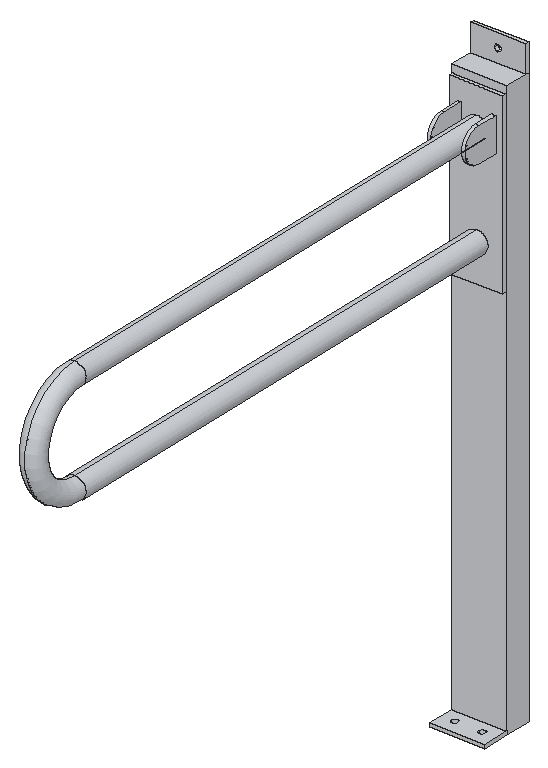
Revit family "SIMP_Simplicity Grab Rail on Post", category Generic Models, Revit 2013
Parameters (values of type "SIMP")
  URL = "http://www.surecare.com.au/"
  Type Comments = "Simplicity Grab Rail with Post"
  TopRailCentre = TopOfRail - 16 mm  # 784 mm
  TopOfRail = 800 mm
  TPH2 = no
  TPH = no
  NCB = no
  Model = "SIMP"
  Manufacturer = "SURE CARE"
Reference planes
  plane 1 "Center (Front/Back)": y = 0
  plane 2: z = 0
  plane 3 "Center (Left/Right)": x = 0
  plane 4 "PlateCentre": z = 709
  plane 5 "RailTopTop": z = 800
  plane 6 "RailTopCentre": z = 784
  plane 7 "RailFront": y = -870
  plane 8 "Accessory1": y = -770
  plane 9 "Accessory2": y = -595
  plane 10: z = 1614
  plane 11 "FixingCentre1": x = -25
  plane 12 "FixingCentre2": x = 25
  plane 13 "Leg": y = -717.5
  plane 14: y = -40
Forms (mm)
  Extrusion 1, solid
    sketch origin (0, -40, 709) x (-1, 0, 0) y (0, -1, 0)
      loop
        line (38.5, 0) -> (38.5, 5) -> (-38.5, 5) -> (-38.5, 0) -> (38.5, 0)
    from -130 to 130
  Extrusion 2, solid
    sketch origin (-25, -40, -16) x (0, 0, 1) y (0, -1, 0)
      loop
        arc (825, 35) -> (800, 60) -> (775, 35) r 25
        line (775, 35) -> (775, 5) -> (825, 5) -> (825, 35)
    from 2.5 to -2.5
  Extrusion 3, solid
    sketch origin (25, -1564, 893.553) x (0, 0, 1) y (0, -1, 0)
      loop
        arc (-84.553, -1489) -> (-109.553, -1464) -> (-134.553, -1489) r 25
        line (-134.553, -1489) -> (-134.553, -1519) -> (-84.553, -1519) -> (-84.553, -1489)
    from 2.5 to -2.5
  Sweep 4, solid
    path origin (0, -40, 0) x (0, 1, 0) y (0, 0, 1)
      loop
        line (-5, 784) -> (-739, 784)
        arc (-739, 784) -> (-814, 709) -> (-739, 634) r 75
        line (-739, 634) -> (-5, 634)
    profile origin (0, -412, 784) x (0, 0, -1) y (1, 0, 0)
      loop
        circle (0, 0) r 16
  Extrusion 5, solid
    sketch origin (0, 0, 0) x (1, 0, 0) y (0, 1, 0)
      loop
        line (-40, 0) -> (-40, -40) -> (40, -40) -> (40, 0) -> (-40, 0)
    from 0 to 850
  Extrusion 6, solid
    sketch origin (0, 0, 0) x (1, 0, 0) y (0, 1, 0)
      loop
        line (-40, -40) -> (-40, -80) -> (40, -80) -> (40, -40) -> (-40, -40)
      loop
        circle (-20, -60) r 5
      loop
        circle (20, -60) r 5
    from 0 to 5
  Extrusion 7, solid
    sketch origin (0, 0, 0) x (1, 0, 0) y (0, 0, 1)
      loop
        line (-40, 850) -> (40, 850) -> (40, 890) -> (-40, 890) -> (-40, 850)
      loop
        circle (0, 870) r 5
    from 0 to 5
Lines and regions (mm)
  symbolic lines
    curve 1: circle (-25, -75, 784) r 5 normal (1, 0, 0)
  symbolic lines, style "GenericModelHiddenLines"
    curve 2: arc (0, -59, 1523) -> (0, -150, 1614) -> (0, -241, 1523) r 91
    curve 3: line (0, -59, 784) -> (0, -59, 1523)
    curve 4: line (0, -241, 784) -> (0, -241, 1523)
    curve 5: line (0, -209, 784) -> (0, -209, 1523)
    curve 6: arc (0, -91, 1523) -> (0, -150, 1582) -> (0, -209, 1523) r 59
    curve 7: line (0, -91, 784) -> (0, -91, 1523)
    curve 8: line (-16, 0, 784) -> (-16, 0, 1598)
    curve 9: line (16, 0, 784) -> (16, 0, 1598)
    curve 10: arc (-16, 0, 1598) -> (0, 0, 1614) -> (16, 0, 1598) r 16
Dimensions and locks
  Extrusion 1 sketch curve to plane 1 "Center (Front/Back)" = 45 mm
  locked: plane 5 "RailTopTop" to plane 6 "RailTopCentre" at 16
  "TopOfRail": plane 5 "RailTopTop" to level
  plane 7 "RailFront" to plane 14 = 830 mm
  locked: plane 8 "Accessory1" to plane 7 "RailFront" at 100
  plane 9 "Accessory2" to plane 8 "Accessory1" = 175 mm
  locked: plane 10 to plane 6 "RailTopCentre" at 830
  equal spacing: Extrusion 1 sketch curve, plane 3 "Center (Left/Right)", Extrusion 1 sketch curve
  plane 3 "Center (Left/Right)" to Extrusion 1 sketch curve = 38.5 mm
  locked: plane 3 "Center (Left/Right)" to plane 11 "FixingCentre1" at 25
  locked: plane 12 "FixingCentre2" to plane 3 "Center (Left/Right)" at 25
  locked: Extrusion 1 to plane 6 "RailTopCentre" at 55
  Sweep 4 sketch curve to plane 4 "PlateCentre" to Sweep 4 sketch curve = 75 mm locked, 75 mm locked
  locked: Sweep 4 sketch curve to plane 7 "RailFront" at 16
  locked: plane 5 "RailTopTop" to plane 4 "PlateCentre" at 91
  plane 1 "Center (Front/Back)" to plane 7 "RailFront" = 870 mm
  plane 1 "Center (Front/Back)" to plane 14 = 40 mm
  aligned and locked: level to plane 2
  aligned and locked: plane 3 "Center (Left/Right)" to nested 1
  aligned and locked: nested 1 to plane 8 "Accessory1"
  aligned and locked: plane 8 "Accessory1" to nested 2
  aligned and locked: nested 3 to plane 9 "Accessory2"
  aligned and locked: Extrusion 1 to Extrusion 2 sketch curve
  aligned and locked: Extrusion 3 sketch curve to Extrusion 2  (x2)
Automatic sketch dimensions
  curve 10 to plane 3 "Center (Left/Right)" = 0 mm
  plane 11 "FixingCentre1" to curve 8 = 9 mm
  curve 9 to plane 10 = 16 mm
  plane 1 "Center (Front/Back)" to Extrusion 1 sketch curve = 40 mm
  Extrusion 2 sketch curve to Extrusion 2 sketch curve = 30 mm
  plane 1 "Center (Front/Back)" to Extrusion 3 sketch curve = 45 mm
  Extrusion 3 sketch curve to Extrusion 3 sketch curve = 30 mm
  Extrusion 2 sketch curve to plane 5 "RailTopTop" = 16 mm
  Extrusion 2 sketch curve to plane 6 "RailTopCentre" = 25 mm
  curve 1 to plane 5 "RailTopTop" = 16 mm
  plane 1 "Center (Front/Back)" to curve 1 = 75 mm
  Sweep 4 sketch curve to profile plane = 0 mm
  plane 11 "FixingCentre1" to Sweep 4 sketch curve = 25 mm
  plane 1 "Center (Front/Back)" to Sweep 4 sketch curve = 45 mm  (x2)
  curve 8 to plane 6 "RailTopCentre" = 0 mm
  curve 9 to plane 6 "RailTopCentre" = 0 mm
  curve 2 to curve 6 = 0 mm  (x2)
  curve 4 to plane 10 = 91 mm
  plane 1 "Center (Front/Back)" to curve 4 = 241 mm
  curve 5 to plane 6 "RailTopCentre" = 0 mm
  curve 7 to plane 6 "RailTopCentre" = 0 mm
  curve 3 to plane 6 "RailTopCentre" = 0 mm
  curve 4 to plane 6 "RailTopCentre" = 0 mm
  curve 2 to curve 5 = 32 mm
  plane 1 "Center (Front/Back)" to curve 7 = 91 mm
  Extrusion 5 sketch curve to plane 14 = 0 mm
  plane 1 "Center (Front/Back)" to Extrusion 5 sketch curve = 0 mm
  Extrusion 5 sketch curve to plane 11 "FixingCentre1" = 15 mm
  plane 12 "FixingCentre2" to Extrusion 5 sketch curve = 15 mm
  Extrusion 6 sketch curve to plane 14 = 0 mm
  Extrusion 6 sketch curve to plane 11 "FixingCentre1" = 15 mm
  plane 12 "FixingCentre2" to Extrusion 6 sketch curve = 15 mm
  Extrusion 6 sketch curve to plane 14 = 40 mm
  plane 11 "FixingCentre1" to Extrusion 6 sketch curve = 5 mm
  Extrusion 6 sketch curve to plane 12 "FixingCentre2" = 5 mm
  Extrusion 6 sketch curve to Extrusion 6 sketch curve = 20 mm  (x2)
  Extrusion 7 sketch curve to plane 11 "FixingCentre1" = 15 mm
  plane 12 "FixingCentre2" to Extrusion 7 sketch curve = 15 mm
  plane 5 "RailTopTop" to Extrusion 7 sketch curve = 50 mm
  Extrusion 7 sketch curve to plane 12 "FixingCentre2" = 25 mm
  Extrusion 7 sketch curve to Extrusion 7 sketch curve = 40 mm
  Extrusion 7 sketch curve to Extrusion 7 sketch curve = 20 mm
  radius of curve 1 = 5 mm
  radius of Sweep 4 sketch curve = 16 mm
  radius of Extrusion 6 sketch curve = 5 mm  (x2)
  radius of Extrusion 7 sketch curve = 5 mm
Nested families
  nested 1: "NCB" at (0, -732.5, 0), TopRailCentre <- "TopRailCentre", visible <- "NCB", type "NCB"
    with TopRailCentre 784 mm
  nested 2: "TPH" at (0, -695, 0), TopRailCentre <- "TopRailCentre", visible <- "TPH", type "TPH"
    with TopRailCentre 784 mm
  nested 3: "TPH" at (0, -595, 0), TopRailCentre <- "TopRailCentre", visible <- "TPH2", type "TPH"
    with TopRailCentre 784 mm
Definition of nested family "NCB"
  Parameters (values of type "NCB")
    TopRailCentre [instance] = 850 mm
  Reference planes
    plane 1 "Center (Front/Back)": y = 0
    plane 2: z = 0
    plane 3 "Center (Left/Right)": x = 0
    plane 4 "TopRailCentre": z = 850
    plane 5: z = 824
  Forms (mm)
    Extrusion 1, solid
      sketch origin (0, 0, 0) x (0, 1, 0) y (0, 0, 1)
        loop
          line (37.5, 824) -> (-37.5, 824) -> (-37.5, 724) -> (37.5, 724) -> (37.5, 824)
      from -10 to 10
    Extrusion 2, void
      sketch origin (-10, 0, 0) x (0, -1, 0) y (0, 0, 1)
        loop
          line (-22.5, 804) -> (-22.5, 744) -> (22.5, 744) -> (22.5, 804) -> (-22.5, 804)
      from 0 to -2
    Extrusion 3, solid
      sketch origin (0, 989.45, 850) x (0, 1, 0) y (-1, 0, 0)
        loop
          circle (-989.45, 0) r 5
      from -26 to 0
  Cuts and joins
    Extrusion 2 cuts Extrusion 1
  Dimensions and locks
    "TopRailCentre": plane 4 "TopRailCentre" to level
    locked: plane 4 "TopRailCentre" to plane 5 at 26
    Extrusion 1 sketch curve to plane 1 "Center (Front/Back)" to Extrusion 1 sketch curve = 37.5 mm, 37.5 mm
    aligned and locked: level to plane 2
    aligned and locked: Extrusion 1 sketch curve to plane 5
    aligned and locked: plane 4 "TopRailCentre" to Extrusion 3
    aligned and locked: Extrusion 3 to plane 5
  Automatic sketch dimensions
    Extrusion 1 sketch curve to plane 5 = 100 mm
    Extrusion 2 sketch curve to Extrusion 1 = 15 mm  (x2)
    Extrusion 2 sketch curve to Extrusion 1 = 20 mm  (x2)
    plane 1 "Center (Front/Back)" to Extrusion 3 sketch curve = 0 mm
    Extrusion 3 sketch curve to plane 3 "Center (Left/Right)" = 0 mm
    radius of Extrusion 3 sketch curve = 5 mm
Definition of nested family "TPH"
  Parameters (values of type "TPH")
    TopRailCentre [instance] = 800 mm
  Reference planes
    plane 1 "Center (Front/Back)": y = 0
    plane 2: z = 0
    plane 3 "Center (Left/Right)": x = 0
    plane 4 "TopRailCentre": z = 800
    plane 5: z = 774
    plane 6 "RollCentre": z = 724
    plane 7: y = -10
  Forms (mm)
    Extrusion 1, solid
      sketch origin (0, -75, 949.787) x (0, 0, 1) y (-1, 0, 0)
        loop
          line (-149.787, 15) -> (-225.787, 15)
          arc (-225.787, 15) -> (-240.787, 0) -> (-225.787, -15) r 15
          line (-225.787, -15) -> (-149.787, -15) -> (-149.787, 15)
      from 0 to 5
    Extrusion 2, solid
      sketch origin (0, 75, 949.787) x (0, 0, 1) y (-1, 0, 0)
        loop
          line (-149.787, 15) -> (-225.787, 15)
          arc (-225.787, 15) -> (-240.787, 0) -> (-225.787, -15) r 15
          line (-225.787, -15) -> (-149.787, -15) -> (-149.787, 15)
      from -5 to 0
    Extrusion 3, solid
      sketch origin (0, 0, 0) x (1, 0, 0) y (0, 0, 1)
        loop
          circle (0, 724) r 12.5
      from -75 to 10
    Extrusion 4, solid
      sketch origin (0, 0, 0) x (1, 0, 0) y (0, 0, 1)
        loop
          circle (0, 724) r 10
      from -75 to 75
  Dimensions and locks
    "TopRailCentre": plane 4 "TopRailCentre" to level
    locked: plane 4 "TopRailCentre" to plane 5 at 26
    locked: plane 3 "Center (Left/Right)" to Extrusion 1 sketch curve at 15
    locked: Extrusion 1 sketch curve to plane 3 "Center (Left/Right)" at 15
    locked: plane 4 "TopRailCentre" to plane 6 "RollCentre" at 76
    Extrusion 2 to plane 1 "Center (Front/Back)" to Extrusion 1 = 75 mm, 75 mm
    aligned and locked: level to plane 2
    aligned and locked: Extrusion 1 sketch curve to plane 4 "TopRailCentre"
    aligned and locked: Extrusion 2 sketch curve to Extrusion 1  (x2)
    aligned and locked: plane 7 to Extrusion 3
    aligned and locked: Extrusion 4 to Extrusion 1
    aligned and locked: Extrusion 4 to Extrusion 2
    aligned and locked: Extrusion 3 to Extrusion 2
  Automatic sketch dimensions
    Extrusion 2 sketch curve to plane 4 "TopRailCentre" = 0 mm
    Extrusion 3 sketch curve to plane 3 "Center (Left/Right)" = 0 mm
    Extrusion 3 sketch curve to plane 6 "RollCentre" = 0 mm
    Extrusion 4 sketch curve to plane 3 "Center (Left/Right)" = 0 mm
    Extrusion 4 sketch curve to plane 6 "RollCentre" = 0 mm
    Extrusion 1 sketch curve to plane 6 "RollCentre" = 0 mm
    radius of Extrusion 3 sketch curve = 12.5 mm
    radius of Extrusion 4 sketch curve = 10 mm
